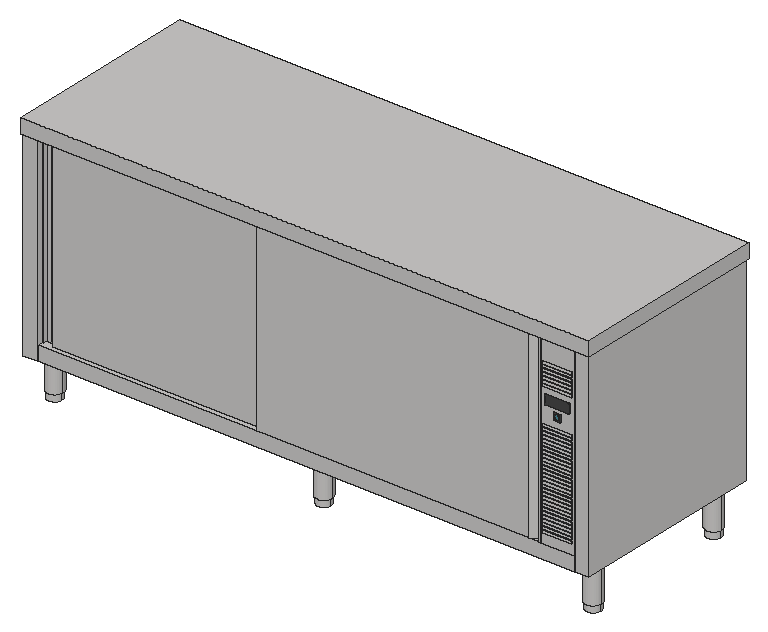
Revit family "QF_ZANUSSI_132800_MTCD2000PN", category Attrezzature speciali, Revit 2020
Family settings
  Quota connettore circolare = Usa diametro
  Tipo di parte = Normale
  Basato su piano di lavoro = No
  Sempre verticale = Sì
  Taglio con vuoti quando caricato = No
  Condiviso = No
  Punto di calcolo locali = No
Parameters (values of type "Standard")
  Weight = 75.00 kg
  Watts = 2400 W
  Volts = 220 V
  URL Manufacturer = "http://www.zanussiprofessional.com"
  URL = "http://www.zanussiprofessional.com"
  Steam Supply Size = 0 mm
  Steam Supply Minimum Pressure = 0.0 Pa
  Steam Supply Maximum Pressure = 0.0 Pa
  Steam Consumption per Hour = 0
  Refrigeration Suction Line Size = 0.0 mm
  Refrigeration Liquid Line Size = 0.0 mm
  Refrigerant Compressor Remote = yes
  Prospetto di default = 0.0 mm
  Produttore = "Zanussi"
  Phase = 1
  Modello = "MTCD2000PN"
  Length Actual = 2000.0 mm  # constant formula
  Item Number = "132800"
  Hot Water Size = 0 mm
  Height Actual = 900.0 mm  # constant formula
  HP = "3.2 HP"
  Gas Size = 0 mm
  Gas KW = 0
  Gas Input Pressure = 0 W
  Direct Waste Size = 0 mm
  Descrizione = "HOT PASST.CUPB.VENT+SHELF+SLIDING D.2000"
  Depth Actual = 700.0 mm  # constant formula
  Cycle = 50 Hz
  Condensate Return Size = 0 mm
  Compressed Air Volume = 0.0 L/s
  Compressed Air Size = 0 mm
  Compressed Air Pressure = 0.0 Pa
  Cold Water Size = 0 mm
  Accessory = yes
Reference planes
  plane 1 "Center (Front/Back)": y = 0
  plane 2: z = 0
  plane 3 "Center (Left/Right)": x = -500
  plane 4 "LEFT": x = -1500
  plane 5 "RIGHT": x = 500
  plane 6 "BACK": y = 350
  plane 7 "FRONT": y = -350
  plane 8 "Base": z = 850
  plane 9 "TOP": z = 900
  plane 10: x = -1446.5
  plane 11: x = 446.5
  plane 12: y = 264.5
  plane 13: y = -264.5
  plane 14 "BodyLeft": x = -1494.5
  plane 15 "BodyFront": y = -344.5
  plane 16 "BodyRight": x = 494.5
  plane 17 "BodyBack": y = 344.5
  plane 18 "FEET": z = 150
  plane 19: x = 324.5
  plane 20: x = -561
  plane 21: x = 444.5
  plane 22: x = 400
  plane 23: y = -170
Forms (mm)
  Extrusion 1, solid, material "QF_Finishes_Stainless Steel"
    sketch origin (-500, 0, 0) x (0, 1, 0) y (0, 0, 1)
      loop
        line (-350, 850) -> (350, 850) -> (350, 900) -> (-350, 900) -> (-350, 850)
    from 1000 to -1000
  Extrusion 2, solid, material "QF_Finishes_Stainless Steel"
    sketch origin (0, 0, 150) x (-1, 0, 0) y (0, -1, 0)
      loop
        line (1494.5, -344.5) -> (1494.5, 344.5) -> (1444.5, 344.5) -> (1444.5, -344.5) -> (1494.5, -344.5)
      loop
        line (-444.5, -344.5) -> (-444.5, 344.5) -> (-494.5, 344.5) -> (-494.5, -344.5) -> (-444.5, -344.5)
    from 0 to 700
  Extrusion 3, solid, material "QF_Finishes_Stainless Steel"
    sketch origin (0, 0, 150) x (-1, 0, 0) y (0, -1, 0)
      loop
        line (1444.5, -344.5) -> (1444.5, 344.5) -> (-444.5, 344.5) -> (-444.5, -344.5) -> (1444.5, -344.5)
    from 0 to 50
  Extrusion 4, solid, material "QF_Finishes_Stainless Steel"
    sketch origin (-1, 0, 150) x (-1, 0, 0) y (0, -1, 0)
      loop
        line (-325.5, 344.5) -> (-325.5, 324.5) -> (670.5, 324.5) -> (670.5, 344.5) -> (-285.5, 344.5) -> (-305.5, 329.5) -> (-320.5, 329.5) -> (-320.5, 344.5) -> (-325.5, 344.5)
    from 50 to 700
  Extrusion 5, solid, material "QF_Finishes_Stainless Steel"
    sketch origin (1, 20, 150) x (1, 0, 0) y (0, 1, 0)
      loop
        line (-1445.5, -344.5) -> (-1440.5, -344.5) -> (-1440.5, -329.5) -> (-1425.5, -329.5) -> (-1405.5, -344.5) -> (-451.5, -344.5) -> (-451.5, -324.5) -> (-1445.5, -324.5) -> (-1445.5, -344.5)
    from 50 to 700
  Extrusion 6, solid, material "QF_Finishes_Stainless Steel"
    sketch origin (0, 0, 0) x (1, 0, 0) y (0, 1, 0)
      loop
        line (-1444.5, -304.5) -> (324.5, -304.5) -> (324.5, 304.5) -> (-1444.5, 304.5) -> (-1444.5, -304.5)
    from 500 to 540
  Extrusion 7, solid, material "QF_Finishes_Stainless Steel"
    sketch origin (-1, 0, 150) x (-1, 0, 0) y (0, -1, 0)
      loop
        line (-325.5, -344.5) -> (-320.5, -344.5) -> (-320.5, -329.5) -> (-305.5, -329.5) -> (-285.5, -344.5) -> (670.5, -344.5) -> (670.5, -324.5) -> (-325.5, -324.5) -> (-325.5, -344.5)
    from 50 to 700
  Extrusion 8, solid, material "QF_Finishes_Stainless Steel"
    sketch origin (1, -20, 150) x (1, 0, 0) y (0, 1, 0)
      loop
        line (-1445.5, 344.5) -> (-1445.5, 324.5) -> (-451.5, 324.5) -> (-451.5, 344.5) -> (-1405.5, 344.5) -> (-1425.5, 329.5) -> (-1440.5, 329.5) -> (-1440.5, 344.5) -> (-1445.5, 344.5)
    from 50 to 700
  Extrusion 9, solid, material "QF_Finishes_Stainless Steel"
    sketch origin (0, 0, 0) x (1, 0, 0) y (0, 1, 0)
      loop
        line (444.5, 344.5) -> (324.5, 344.5) -> (324.5, 324.5) -> (444.5, 324.5) -> (444.5, 344.5)
    from 200 to 850
  Extrusion 10, solid, material "QF_Finishes_Stainless Steel"
    sketch origin (0, 0, 150) x (-1, 0, 0) y (0, -1, 0)
      loop
        circle (-400, 170) r 10
    from 0 to -5
Cuts and joins
  joined: Extrusion 3, Extrusion 9
Lines and regions (mm)
  symbolic lines
    curve 1: line (500, 350, 900) -> (-1500, 350, 900)
    curve 2: line (-1500, 350, 900) -> (-1500, -350, 900)
    curve 3: line (-1500, -350, 900) -> (500, -350, 900)
    curve 4: line (500, -350, 900) -> (500, 350, 900)
    curve 5: line (-1500, 337, 900) -> (500, 337, 900)
  symbolic lines, style "SpecialityEquipmentHiddenLines"
    curve 6: line (-1494.5, 344.5, 150) -> (494.5, 344.5, 150)
    curve 7: line (-1494.5, -344.5, 150) -> (-1494.5, 344.5, 150)
    curve 8: line (494.5, -344.5, 150) -> (-1494.5, -344.5, 150)
    curve 9: line (494.5, 344.5, 150) -> (494.5, -344.5, 150)
    curve 10: line (-1445.5, -304.5, 150) -> (-449.5, -304.5, 150)
    curve 11: line (-449.5, -304.5, 150) -> (-449.5, -324.5, 150)
    curve 12: line (-1445.5, -324.5, 150) -> (444.5, -324.5, 150)
    curve 13: line (444.5, -324.5, 150) -> (444.5, -344.5, 150)
    curve 14: line (-1445.5, -304.5, 150) -> (-1445.5, -324.5, 150)
    curve 15: line (-671.5, -344.5, 0) -> (-671.5, -324.5, 0)
    curve 16: line (-1445.5, 304.5, 150) -> (-449.5, 304.5, 150)
    curve 17: line (-1445.5, 324.5, 150) -> (444.5, 324.5, 150)
    curve 18: line (-671.5, 344.5, 0) -> (-671.5, 324.5, 0)
    curve 19: line (-450.5, 304.5, 0) -> (-450.5, 324.5, 0)
Dimensions and locks
  plane 4 "LEFT" to plane 5 "RIGHT" = 2000.0 mm
  equal spacing: plane 4 "LEFT", plane 3 "Center (Left/Right)", plane 5 "RIGHT"
  locked: plane 8 "Base" to level at 850
  locked: plane 9 "TOP" to level at 900
  plane 6 "BACK" to plane 7 "FRONT" = 700.0 mm
  equal spacing: plane 6 "BACK", plane 1 "Center (Front/Back)", plane 7 "FRONT"
  locked: plane 4 "LEFT" to plane 14 "BodyLeft" at 5.5
  locked: plane 16 "BodyRight" to plane 5 "RIGHT" at 5.5
  locked: plane 15 "BodyFront" to plane 7 "FRONT" at 5.5
  locked: plane 6 "BACK" to plane 17 "BodyBack" at 5.5
  locked: plane 14 "BodyLeft" to plane 10 at 48
  locked: plane 11 to plane 16 "BodyRight" at 48
  locked: plane 13 to plane 15 "BodyFront" at 80
  locked: plane 17 "BodyBack" to plane 12 at 80
  plane 10 to plane 11 = 1893.0 mm
  plane 12 to plane 13 = 529.0 mm
  locked: plane 14 "BodyLeft" to Extrusion 2 sketch curve at 50
  locked: Extrusion 2 sketch curve to Extrusion 2 sketch curve at 50
  equal spacing: plane 10, plane 20, plane 19
  locked: plane 21 to plane 16 "BodyRight" at 50
  locked: plane 19 to plane 21 at 120
  locked: Extrusion 4 sketch curve to plane 20 at 110.5
  locked: plane 20 to Extrusion 5 sketch curve at 110.5
  locked: plane 18 "FEET" to level at 150
  locked: plane 22 to plane 5 "RIGHT" at 100
  locked: plane 23 to plane 7 "FRONT" at 180
  aligned and locked: level to plane 2
  aligned and locked: plane 10 to nested 1
  aligned and locked: nested 1 to plane 13
  aligned and locked: plane 11 to nested 2
  aligned and locked: nested 2 to plane 13
  aligned and locked: plane 11 to nested 4
  aligned and locked: nested 4 to plane 12
  aligned and locked: plane 10 to nested 3
  aligned and locked: nested 3 to plane 12
  aligned and locked: Extrusion 1 to plane 4 "LEFT"
  aligned and locked: plane 5 "RIGHT" to Extrusion 1
  aligned and locked: curve 2 to plane 4 "LEFT"
  aligned and locked: plane 17 "BodyBack" to Extrusion 2 sketch curve
  aligned and locked: Extrusion 2 sketch curve to plane 15 "BodyFront"
  aligned and locked: Extrusion 2 sketch curve to plane 14 "BodyLeft"
  aligned and locked: plane 16 "BodyRight" to Extrusion 2 sketch curve
  aligned and locked: Extrusion 2 sketch curve to plane 17 "BodyBack"
  aligned and locked: plane 15 "BodyFront" to Extrusion 2 sketch curve
  aligned and locked: Extrusion 3 sketch curve to plane 17 "BodyBack"
  aligned and locked: plane 15 "BodyFront" to Extrusion 3 sketch curve
  aligned and locked: plane 8 "Base" to Extrusion 2
  aligned and locked: plane 8 "Base" to Extrusion 4
  aligned and locked: Extrusion 4 to Extrusion 3
  aligned and locked: Extrusion 1 to plane 8 "Base"
  aligned and locked: plane 9 "TOP" to Extrusion 1
  aligned and locked: curve 6 to plane 17 "BodyBack"
  aligned and locked: plane 14 "BodyLeft" to curve 7
  aligned and locked: plane 15 "BodyFront" to curve 8
  aligned and locked: plane 16 "BodyRight" to curve 9
  aligned and locked: Extrusion 3 to Extrusion 2  (x2)
  aligned and locked: Extrusion 6 sketch curve to Extrusion 2
  aligned and locked: Extrusion 6 sketch curve to Extrusion 5
  aligned and locked: curve 19 to Extrusion 8
  aligned and locked: curve 18 to Extrusion 7
  aligned and locked: nested 5 to plane 21
  aligned and locked: Extrusion 6 sketch curve to plane 19
  aligned and locked: plane 3 "Center (Left/Right)" to nested 6
  aligned and locked: plane 3 "Center (Left/Right)" to nested 7
Automatic sketch dimensions
  Extrusion 7 sketch curve to plane 19 = 0.0 mm
  Extrusion 7 sketch curve to plane 17 "BodyBack" = 0.0 mm  (x2)
  Extrusion 7 sketch curve to Extrusion 7 sketch curve = 5.0 mm
  Extrusion 7 sketch curve to Extrusion 7 sketch curve = 15.0 mm
  Extrusion 7 sketch curve to Extrusion 7 sketch curve = 20.0 mm
  plane 17 "BodyBack" to Extrusion 7 sketch curve = 20.0 mm
  plane 20 to Extrusion 7 sketch curve = 110.5 mm
  plane 17 "BodyBack" to Extrusion 7 sketch curve = 15.0 mm
  curve 15 to plane 15 "BodyFront" = 0.0 mm
  plane 15 "BodyFront" to curve 15 = 20.0 mm
  curve 15 to plane 20 = 110.5 mm
  curve 3 to plane 7 "FRONT" = 0.0 mm
  curve 5 to plane 5 "RIGHT" = 0.0 mm
  curve 4 to plane 6 "BACK" = 0.0 mm
  curve 5 to plane 17 "BodyBack" = 7.5 mm
  Extrusion 1 sketch curve to plane 7 "FRONT" = 0.0 mm
  Extrusion 1 sketch curve to plane 6 "BACK" = 0.0 mm
  Extrusion 1 sketch curve to plane 8 "Base" = 0.0 mm
  Extrusion 1 sketch curve to plane 9 "TOP" = 0.0 mm
  Extrusion 3 sketch curve to plane 21 = 0.0 mm
  plane 10 to Extrusion 3 sketch curve = 2.0 mm
  Extrusion 4 sketch curve to plane 19 = 0.0 mm
  Extrusion 4 sketch curve to plane 15 "BodyFront" = 0.0 mm  (x2)
  Extrusion 4 sketch curve to Extrusion 4 sketch curve = 5.0 mm
  Extrusion 4 sketch curve to Extrusion 4 sketch curve = 15.0 mm  (x2)
  Extrusion 4 sketch curve to Extrusion 4 sketch curve = 20.0 mm  (x2)
  Extrusion 5 sketch curve to plane 15 "BodyFront" = 20.0 mm  (x2)
  Extrusion 5 sketch curve to plane 10 = 42.0 mm
  Extrusion 5 sketch curve to plane 10 = 22.0 mm
  Extrusion 5 sketch curve to plane 10 = 7.0 mm
  Extrusion 5 sketch curve to plane 10 = 2.0 mm
  Extrusion 5 sketch curve to Extrusion 5 sketch curve = 15.0 mm
  Extrusion 5 sketch curve to Extrusion 5 sketch curve = 20.0 mm
  curve 13 to plane 21 = 0.0 mm
  curve 17 to plane 21 = 0.0 mm
  curve 8 to plane 15 "BodyFront" = 0.0 mm
  plane 3 "Center (Left/Right)" to curve 10 = 50.5 mm
  plane 10 to curve 12 = 1.0 mm
  plane 15 "BodyFront" to curve 10 = 40.0 mm
  curve 12 to curve 13 = 20.0 mm
  plane 3 "Center (Left/Right)" to curve 16 = 50.5 mm
  plane 10 to curve 17 = 1.0 mm
  plane 10 to curve 16 = 1.0 mm
  curve 17 to plane 17 "BodyBack" = 20.0 mm
  plane 12 to curve 16 = 40.0 mm
  plane 12 to Extrusion 6 sketch curve = 40.0 mm
  plane 10 to Extrusion 8 sketch curve = 2.0 mm
  Extrusion 8 sketch curve to Extrusion 8 sketch curve = 5.0 mm
  Extrusion 8 sketch curve to Extrusion 8 sketch curve = 15.0 mm  (x2)
  Extrusion 8 sketch curve to plane 17 "BodyBack" = 20.0 mm  (x2)
  Extrusion 8 sketch curve to Extrusion 8 sketch curve = 20.0 mm  (x2)
  plane 3 "Center (Left/Right)" to Extrusion 8 sketch curve = 49.5 mm
  curve 18 to plane 17 "BodyBack" = 0.0 mm
  curve 18 to plane 17 "BodyBack" = 20.0 mm
  plane 12 to curve 19 = 40.0 mm
  curve 19 to curve 19 = 20.0 mm
  Extrusion 9 sketch curve to plane 17 "BodyBack" = 0.0 mm
  Extrusion 9 sketch curve to plane 19 = 0.0 mm
  Extrusion 9 sketch curve to plane 21 = 0.0 mm
  Extrusion 9 sketch curve to plane 17 "BodyBack" = 20.0 mm
  Extrusion 10 sketch curve to plane 22 = 0.0 mm
  Extrusion 10 sketch curve to plane 23 = 0.0 mm
  radius of Extrusion 10 sketch curve = 10.0 mm
Nested families
  nested 1: "FEET_D58-150" at (-1446.5, -264.5, 0), type "FEET_D58-150"
  nested 2: "FEET_D58-150" at (446.5, -264.5, 0), type "FEET_D58-150"
  nested 3: "FEET_D58-150" at (-1446.5, 264.5, 0), type "FEET_D58-150"
  nested 4: "FEET_D58-150" at (446.5, 264.5, 0), type "FEET_D58-150"
  nested 5: "WT_PNL120x650" at (531.42, -304.5, 600) x (1, 0, 0) z (0, -1, 0), type "WT_PNL120x650"
    with Show Logo yes
  nested 6: "FEET_D58-150" at (-500, -264.5, 0), type "FEET_D58-150"
  nested 7: "FEET_D58-150" at (-500, 264.5, 0), type "FEET_D58-150"
Connectors
  electrical at (400, -170, 145)
    settings: on Extrusion 10, index 1, voltage 0 V, apparent load 0 VA, apparent load phase1 0 VA, apparent load phase2 0 VA, apparent load phase3 0 VA, power factor 1, load classification "Other", number of poles 1, system type 30, power factor state 1, is connector primary yes, connector utility no, sub classification motor no, connector description "Electrical connection"
Definition of nested family "FEET_D58-150"
  Parameters
    Default Elevation = 0.0 mm
    FEET = 150.0 mm
  Reference planes
    plane 1 "Center (Front/Back)": y = 0
    plane 2: z = 0
    plane 3 "Center (Left/Right)": x = 0
    plane 4: z = 150
  Forms (mm)
    Extrusion 1, solid
      sketch origin (0, 0, 0) x (1, 0, 0) y (0, 1, 0)
        loop
          circle (0, 0) r 25
      from 0 to 25
    Extrusion 2, solid
      sketch origin (0, 0, 0) x (1, 0, 0) y (0, 1, 0)
        loop
          circle (0.061, 0) r 29
      from 25 to 150 <- "FEET"
  Lines and regions (mm)
    symbolic lines
      curve 1: line (0, -1.503, 0) -> (0, 1.508, 0)
      curve 2: line (1.561, 0, 0) -> (-1.439, 0, 0)
  Dimensions and locks
    "FEET": plane 4 to plane 2
    aligned and locked: level to plane 2
  Automatic sketch dimensions
    plane 1 "Center (Front/Back)" to Extrusion 1 sketch curve = 0.0 mm
    Extrusion 1 sketch curve to plane 3 "Center (Left/Right)" = 0.0 mm
    plane 1 "Center (Front/Back)" to curve 2 = 0.0 mm
    curve 1 to plane 3 "Center (Left/Right)" = 0.0 mm
    curve 2 to plane 3 "Center (Left/Right)" = 1.439 mm
    plane 3 "Center (Left/Right)" to curve 2 = 1.561 mm
    plane 1 "Center (Front/Back)" to curve 1 = 1.503 mm
    curve 1 to plane 1 "Center (Front/Back)" = 1.508 mm
    plane 1 "Center (Front/Back)" to Extrusion 2 sketch curve = 0.0 mm
    plane 3 "Center (Left/Right)" to Extrusion 2 sketch curve = 0.061 mm
    radius of Extrusion 1 sketch curve = 25.0 mm
    radius of Extrusion 2 sketch curve = 29.0 mm
Definition of nested family "WT_PNL120x650"
  Parameters
    Show Logo [instance] = yes
    Default Elevation = 1219.2 mm
  Reference planes
    plane 1 "Center (Front/Back)": y = -75
    plane 2: z = 0
    plane 3 "Center (Left/Right)": x = -146.92
    plane 4: x = -206.92
    plane 5: x = -86.92
    plane 6: y = 250
    plane 7: y = -400
    plane 8 "TOP": z = 40
  Forms (mm)
    Extrusion 1, solid
      sketch origin (0, 0, 0) x (1, 0, 0) y (0, 1, 0)
        loop
          line (-1219.2, 1219.2) -> (-1219.2, -1219.2) -> (1219.2, -1219.2) -> (1219.2, 1219.2) -> (-1219.2, 1219.2)
      from 0 to -304.8
    Extrusion 2, solid
      sketch origin (0, 0, 0) x (1, 0, 0) y (0, 1, 0)
        loop
          line (-206.92, 250) -> (-206.92, -400) -> (-86.92, -400) -> (-86.92, 250) -> (-206.92, 250)
      from 0 to 40
    Extrusion 3, void
      sketch origin (0, 0, 40) x (-1, 0, 0) y (0, -1, 0)
        loop
          arc (101.92, -68.899) -> (103.795, -73.256) -> (108.247, -74.89) r 6
          line (108.247, -74.89) -> (185.92, -74.89)
          arc (185.92, -74.89) -> (190.163, -73.133) -> (191.92, -68.89) r 6
          line (191.92, -68.89) -> (191.92, -45.89)
          arc (191.92, -45.89) -> (190.163, -41.648) -> (185.92, -39.89) r 6
          line (185.92, -39.89) -> (107.92, -39.89)
          arc (107.92, -39.89) -> (103.677, -41.648) -> (101.92, -45.89) r 6
          line (101.92, -45.89) -> (101.92, -68.899)
        loop
          line (158.92, -27.89) -> (158.92, -2.89) -> (134.92, -2.89) -> (134.92, -27.89) -> (158.92, -27.89)
      from -2 to 0
    Extrusion 4, solid
      sketch origin (0, 0, 40) x (-1, 0, 0) y (0, -1, 0)
        loop
          line (185.92, -39.89) -> (107.92, -39.89)
          arc (107.92, -39.89) -> (103.677, -41.648) -> (101.92, -45.89) r 6
          line (101.92, -45.89) -> (101.92, -68.899)
          arc (101.92, -68.899) -> (103.795, -73.256) -> (108.247, -74.89) r 6
          line (108.247, -74.89) -> (185.92, -74.89)
          arc (185.92, -74.89) -> (190.163, -73.133) -> (191.92, -68.89) r 6
          line (191.92, -68.89) -> (191.92, -45.89)
          arc (191.92, -45.89) -> (190.163, -41.648) -> (185.92, -39.89) r 6
      from -2 to 1
    Extrusion 5, solid
      sketch origin (-146.92, 0, 0) x (0, 1, 0) y (0, 0, 1)
        loop
          line (95.896, 40) -> (104.899, 40) -> (95.896, 41.206) -> (95.896, 40)
        loop
          line (107.896, 40) -> (116.899, 40) -> (107.896, 41.206) -> (107.896, 40)
        loop
          line (119.896, 40) -> (128.899, 40) -> (119.896, 41.206) -> (119.896, 40)
        loop
          line (131.896, 40) -> (140.899, 40) -> (131.896, 41.206) -> (131.896, 40)
        loop
          line (143.896, 40) -> (152.899, 40) -> (143.896, 41.206) -> (143.896, 40)
        loop
          line (155.896, 40) -> (164.899, 40) -> (155.896, 41.206) -> (155.896, 40)
        loop
          line (167.896, 40) -> (176.899, 40) -> (167.896, 41.206) -> (167.896, 40)
        loop
          line (-102.104, 40) -> (-93.101, 40) -> (-102.104, 41.206) -> (-102.104, 40)
        loop
          line (-90.104, 40) -> (-81.101, 40) -> (-90.104, 41.206) -> (-90.104, 40)
        loop
          line (-78.104, 40) -> (-69.101, 40) -> (-78.104, 41.206) -> (-78.104, 40)
        loop
          line (-66.104, 40) -> (-57.101, 40) -> (-66.104, 41.206) -> (-66.104, 40)
        loop
          line (-54.104, 40) -> (-45.101, 40) -> (-54.104, 41.206) -> (-54.104, 40)
        loop
          line (-42.104, 40) -> (-33.101, 40) -> (-42.104, 41.206) -> (-42.104, 40)
        loop
          line (-30.104, 40) -> (-21.101, 40) -> (-30.104, 41.206) -> (-30.104, 40)
        loop
          line (-174.104, 40) -> (-165.101, 40) -> (-174.104, 41.206) -> (-174.104, 40)
        loop
          line (-162.104, 40) -> (-153.101, 40) -> (-162.104, 41.206) -> (-162.104, 40)
        loop
          line (-150.104, 40) -> (-141.101, 40) -> (-150.104, 41.206) -> (-150.104, 40)
        loop
          line (-138.104, 40) -> (-129.101, 40) -> (-138.104, 41.206) -> (-138.104, 40)
        loop
          line (-126.104, 40) -> (-117.101, 40) -> (-126.104, 41.206) -> (-126.104, 40)
        loop
          line (-114.104, 40) -> (-105.101, 40) -> (-114.104, 41.206) -> (-114.104, 40)
        loop
          line (-246.104, 40) -> (-237.101, 40) -> (-246.104, 41.206) -> (-246.104, 40)
        loop
          line (-234.104, 40) -> (-225.101, 40) -> (-234.104, 41.206) -> (-234.104, 40)
        loop
          line (-222.104, 40) -> (-213.101, 40) -> (-222.104, 41.206) -> (-222.104, 40)
        loop
          line (-210.104, 40) -> (-201.101, 40) -> (-210.104, 41.206) -> (-210.104, 40)
        loop
          line (-198.104, 40) -> (-189.101, 40) -> (-198.104, 41.206) -> (-198.104, 40)
        loop
          line (-186.104, 40) -> (-177.101, 40) -> (-186.104, 41.206) -> (-186.104, 40)
        loop
          line (-318.104, 40) -> (-309.101, 40) -> (-318.104, 41.206) -> (-318.104, 40)
        loop
          line (-306.104, 40) -> (-297.101, 40) -> (-306.104, 41.206) -> (-306.104, 40)
        loop
          line (-294.104, 40) -> (-285.101, 40) -> (-294.104, 41.206) -> (-294.104, 40)
        loop
          line (-282.104, 40) -> (-273.101, 40) -> (-282.104, 41.206) -> (-282.104, 40)
        loop
          line (-270.104, 40) -> (-261.101, 40) -> (-270.104, 41.206) -> (-270.104, 40)
        loop
          line (-258.104, 40) -> (-249.101, 40) -> (-258.104, 41.206) -> (-258.104, 40)
        loop
          line (-366.104, 40) -> (-357.101, 40) -> (-366.104, 41.206) -> (-366.104, 40)
        loop
          line (-354.104, 40) -> (-345.101, 40) -> (-354.104, 41.206) -> (-354.104, 40)
        loop
          line (-342.104, 40) -> (-333.101, 40) -> (-342.104, 41.206) -> (-342.104, 40)
        loop
          line (-330.104, 40) -> (-321.101, 40) -> (-330.104, 41.206) -> (-330.104, 40)
      from -50 to 50
    Extrusion 6, solid
      sketch origin (0, 0, 40) x (-1, 0, 0) y (0, -1, 0)
        loop
          line (134.92, -27.89) -> (158.92, -27.89) -> (158.92, -2.89) -> (134.92, -2.89) -> (134.92, -27.89)
        loop
          circle (146.92, -15.39) r 9
      from -2 to 3
    Extrusion 7, solid
      sketch origin (0, 0, 40) x (-1, 0, 0) y (0, -1, 0)
        loop
          circle (146.92, -15.39) r 9
      from 0 to 3
  Cuts and joins
    Extrusion 3 cuts Extrusion 2
  Dimensions and locks
    equal spacing: plane 6, plane 1 "Center (Front/Back)", plane 7
    equal spacing: plane 4, plane 3 "Center (Left/Right)", plane 5
    plane 8 "TOP" to level = 40.0 mm
    aligned and locked: plane 2 to Extrusion 1
    aligned and locked: level to Extrusion 1
  Automatic sketch dimensions
    Extrusion 1 sketch curve to Extrusion 1 sketch curve = 2438.4 mm  (x2)
    Extrusion 2 sketch curve to plane 4 = 0.0 mm
    Extrusion 2 sketch curve to plane 5 = 0.0 mm
    Extrusion 2 sketch curve to plane 7 = 0.0 mm
    Extrusion 2 sketch curve to plane 6 = 0.0 mm
    Extrusion 5 sketch curve to plane 8 "TOP" = 0.0 mm  (x36)
    Extrusion 5 sketch curve to Extrusion 5 sketch curve = 9.003 mm  (x35)
    plane 8 "TOP" to Extrusion 5 sketch curve = 1.206 mm  (x22)
    Extrusion 5 sketch curve to Extrusion 5 sketch curve = 2.997 mm  (x33)
    plane 1 "Center (Front/Back)" to Extrusion 5 sketch curve = 6.101 mm
    plane 1 "Center (Front/Back)" to Extrusion 5 sketch curve = 3.104 mm
    Extrusion 5 sketch curve to plane 1 "Center (Front/Back)" = 5.899 mm
    Extrusion 5 sketch curve to Extrusion 5 sketch curve = 116.997 mm
    Extrusion 5 sketch curve to Extrusion 5 sketch curve = 1.206 mm  (x14)
    Extrusion 4 sketch curve to plane 5 = 15.0 mm
    Extrusion 4 sketch curve to Extrusion 4 sketch curve = 6.0 mm  (x3)
    Extrusion 4 sketch curve to Extrusion 4 sketch curve = 0.327 mm
    plane 4 to Extrusion 4 sketch curve = 21.0 mm  (x2)
    Extrusion 4 sketch curve to plane 1 "Center (Front/Back)" = 149.89 mm
    Extrusion 4 sketch curve to Extrusion 4 sketch curve = 23.009 mm
    Extrusion 3 sketch curve to plane 5 = 15.0 mm
    Extrusion 3 sketch curve to Extrusion 3 sketch curve = 6.0 mm  (x3)
    Extrusion 3 sketch curve to Extrusion 3 sketch curve = 0.327 mm
    plane 3 "Center (Left/Right)" to Extrusion 3 sketch curve = 12.0 mm
    Extrusion 3 sketch curve to plane 3 "Center (Left/Right)" = 12.0 mm
    plane 4 to Extrusion 3 sketch curve = 21.0 mm  (x2)
    Extrusion 3 sketch curve to plane 1 "Center (Front/Back)" = 149.89 mm
    Extrusion 3 sketch curve to Extrusion 3 sketch curve = 23.0 mm
    Extrusion 3 sketch curve to Extrusion 3 sketch curve = 12.0 mm
    Extrusion 3 sketch curve to Extrusion 3 sketch curve = 25.0 mm
    Extrusion 6 sketch curve to plane 3 "Center (Left/Right)" = 0.0 mm
    plane 3 "Center (Left/Right)" to Extrusion 6 sketch curve = 12.0 mm
    Extrusion 6 sketch curve to plane 3 "Center (Left/Right)" = 12.0 mm
    Extrusion 6 sketch curve to plane 1 "Center (Front/Back)" = 102.89 mm
    Extrusion 6 sketch curve to Extrusion 6 sketch curve = 12.5 mm  (x2)
    Extrusion 7 sketch curve to plane 3 "Center (Left/Right)" = 0.0 mm
    Extrusion 7 sketch curve to plane 1 "Center (Front/Back)" = 90.39 mm
    radius of Extrusion 6 sketch curve = 9.0 mm
    radius of Extrusion 7 sketch curve = 9.0 mm
